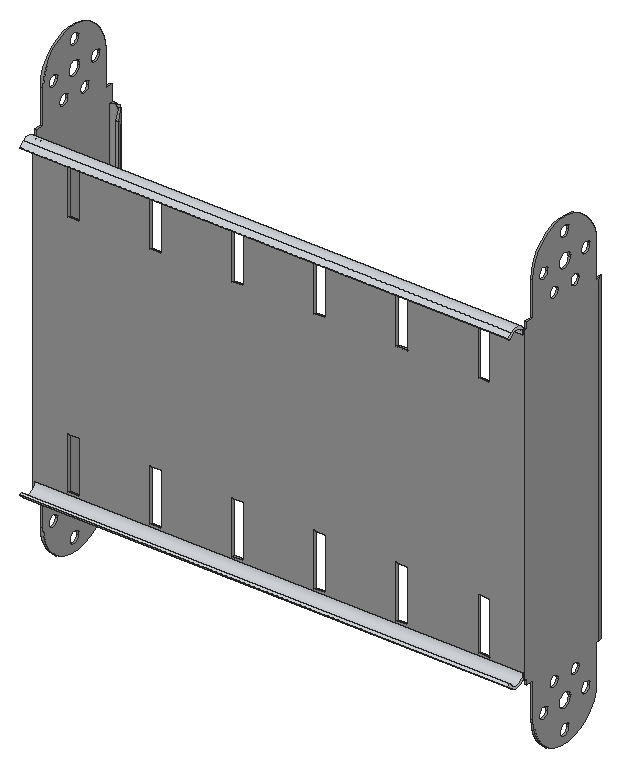
Revit family "Gelenkbogen-Element RGBEV 630FT", category Generic Models, Revit 2017
Family settings
  Can host rebar = No
  Round Connector Dimension = Use Diameter
  Part Type = Normal
  Work Plane-Based = No
  Always vertical = Yes
  Cut with Voids When Loaded = No
  Shared = No
  Room Calculation Point = No
Parameters (values of type "RGBEV 630 FT")
  URL = "http://www.obo-bettermann.com"
  Material = Hot dip galvanised
  Manufacturer Art.No. = "7075308"
  Manufacturer = "OBO BETTERMANN"
  Length = 300 mm
  GTIN = "4012196228195"
  Cut's number = 6
  Article Type = "RGBEV 630 FT"
Reference planes
  plane 1 "Center (Front/Back)": y = 0
  plane 2: z = 0
  plane 3 "Center (Left/Right)": x = 0
  plane 4: x = 287.5
  plane 5: y = 60
  plane 6: y = 60
  plane 7: x = 12.5
  plane 8: y = 49.947
  plane 9: z = 300
  plane 10: z = 150
  plane 11: z = 239.25
  plane 12: z = 60.75
  plane 13: z = 150
  plane 14: z = 60.75
  plane 15: z = 150
  plane 16: z = 239.25
  plane 17: z = 60.75
  plane 18: y = 30
  plane 19: z = 276
  plane 20: y = 54
  plane 21: y = 6
  plane 22: z = 248.98
  plane 23: y = 30
  plane 24: z = 24
  plane 25: y = 54
  plane 26: y = 6
  plane 27: z = 51.02
  plane 28: x = 150
  plane 29: y = 30
  plane 30: z = 276
  plane 31: y = 54
  plane 32: y = 6
  plane 33: z = 248.98
  plane 34: y = 30
  plane 35: z = 24
  plane 36: y = 54
  plane 37: y = 6
  plane 38: z = 51.02
  plane 39: z = 248.5
  plane 40: z = 51.5
  plane 41: y = -11.2
  plane 42: z = 51.5
  plane 43: z = 248.5
  plane 44: y = -11.2
  plane 45: x = 25
  plane 46: z = 225
  plane 47: x = 75
  plane 48: z = 225
  plane 49: x = 125
  plane 50: z = 225
  plane 51: x = 175
  plane 52: z = 225
  plane 53: x = 225
  plane 54: z = 225
  plane 55: x = 275
  plane 56: z = 225
  plane 57: x = 25
  plane 58: z = 75
  plane 59: x = 75
  plane 60: z = 75
  plane 61: x = 125
  plane 62: z = 75
  plane 63: x = 175
  plane 64: z = 75
  plane 65: x = 225
  plane 66: z = 75
  plane 67: x = 275
  plane 68: z = 75
  plane 69: z = 294
  plane 70: z = 6
  plane 71: y = 30
  plane 72: z = 270
Forms (mm)
  Extrusion 1, solid, material "Hot dip galvanised" <- "Material"
    sketch origin (0, 0, 0) x (1, 0, 0) y (0, 1, 0)
      loop
        line (0, 0) -> (300, 0) -> (300, 55.986)
        arc (300, 55.986) -> (297.356, 59.745) -> (292.924, 58.529) r 3.995
        line (292.924, 58.529) -> (287.496, 49.841) -> (288.598, 49.152) -> (293.977, 57.76)
        arc (293.977, 57.76) -> (296.953, 58.509) -> (298.7, 55.986) r 2.695
        line (298.7, 55.986) -> (298.7, 1.3) -> (1.3, 1.3) -> (1.3, 55.991)
        arc (1.3, 55.991) -> (3.256, 58.587) -> (6.29, 57.422) r 2.7
        line (6.29, 57.422) -> (11.391, 49.258) -> (12.493, 49.947) -> (7.392, 58.111)
        arc (7.392, 58.111) -> (2.897, 59.836) -> (0, 55.991) r 4
        line (0, 55.991) -> (0, 0)
    from 0 to 300
  Extrusion 2, void
    sketch origin (0, 0, 0) x (1, 0, 0) y (0, 0, 1)
      loop
        line (1.3, 238.902) -> (12.493, 235.902) -> (12.493, 300) -> (1.3, 300) -> (1.3, 238.902)
    from -49 to -60.772
  Extrusion 3, void
    sketch origin (0, 0, 0) x (1, 0, 0) y (0, 0, 1)
      loop
        line (1.3, 60.402) -> (1.3, 0) -> (12.493, 0) -> (12.493, 63.401) -> (1.3, 60.402)
    from -49 to -60.772
  Extrusion 4, void
    sketch origin (0, 0, 0) x (1, 0, 0) y (0, 0, 1)
      loop
        line (298.7, 238.902) -> (298.7, 300) -> (287.496, 300) -> (287.496, 235.899) -> (298.7, 238.902)
      loop
        line (298.7, 61.098) -> (287.496, 64.101) -> (287.496, 0) -> (298.7, 0) -> (298.7, 61.098)
    from -49 to -60.772
  Extrusion 5, void
    sketch origin (0, 0, 0) x (0, 1, 0) y (0, 0, 1)
      loop
        line (54, 269.607) -> (54, 248.98) -> (58.942, 248.98) -> (58.942, 301.187) -> (1.3, 301.187) -> (1.3, 248.98) -> (6, 248.98) -> (6, 269.607)
        arc (6, 269.607) -> (30, 293.607) -> (54, 269.607) r 24
    from 0 to 1.3
  Extrusion 6, void
    sketch origin (0, 0, 300) x (0, 1, 0) y (0, 0, 1)
      loop
        arc (54, -270.106) -> (30, -294.106) -> (6, -270.106) r 24
        line (6, -270.106) -> (6, -248.98) -> (1.3, -248.98) -> (1.3, -301.187) -> (58.942, -301.187) -> (58.942, -248.98) -> (54, -248.98) -> (54, -270.106)
    from 0 to 1.3
  Extrusion 7, void
    sketch origin (300, 0, 0) x (0, 1, 0) y (0, 0, -1)
      loop
        arc (54, -269.739) -> (30, -293.739) -> (6, -269.739) r 24
        line (6, -269.739) -> (6, -248.98) -> (1.3, -248.98) -> (1.3, -301.187) -> (58.942, -301.187) -> (58.942, -248.98) -> (54, -248.98) -> (54, -269.739)
    from 0 to 1.3
  Extrusion 8, void
    sketch origin (300, 0, 300) x (0, 1, 0) y (0, 0, -1)
      loop
        line (54, 270.033) -> (54, 248.98) -> (58.942, 248.98) -> (58.942, 301.187) -> (1.3, 301.187) -> (1.3, 248.98) -> (6, 248.98) -> (6, 270.033)
        arc (6, 270.033) -> (30, 294.033) -> (54, 270.033) r 24
    from 0 to 1.3
  Extrusion 9, solid
    sketch origin (0, 0, 0) x (0, 1, 0) y (0, 0, 1)
      loop
        line (-8.684, 247.311) -> (-11.2, 244.795) -> (-10.281, 243.875) -> (-7.843, 246.313)
        arc (-7.843, 246.313) -> (-2.678, 246.628) -> (0, 242.2) r 5
        line (0, 242.2) -> (0, 246.033)
        arc (0, 246.033) -> (-4.083, 248.433) -> (-8.684, 247.311) r 6.3
    from 1.3 to 298.7
  Extrusion 10, void
    sketch origin (0, 0, 0) x (0, 1, 0) y (0, 0, 1)
      loop
        line (1.3, 300) -> (0, 300) -> (0, 246.033)
        arc (0, 246.033) -> (0.966, 244.224) -> (1.3, 242.2) r 6.3
        line (1.3, 242.2) -> (1.3, 300)
    from 0 to 300
  Extrusion 11, solid
    sketch origin (0, 0, 300) x (0, 1, 0) y (0, 0, 1)
      loop
        arc (-8.684, -247.311) -> (-4.083, -248.433) -> (0, -246.033) r 6.3
        line (0, -246.033) -> (0, -242.2)
        arc (0, -242.2) -> (-2.678, -246.628) -> (-7.843, -246.313) r 5
        line (-7.843, -246.313) -> (-10.281, -243.875) -> (-11.2, -244.795) -> (-8.684, -247.311)
    from 1.3 to 298.7
  Extrusion 12, void
    sketch origin (0, 0, 300) x (0, 1, 0) y (0, 0, 1)
      loop
        line (1.3, -300) -> (1.3, -242.2)
        arc (1.3, -242.2) -> (0.966, -244.224) -> (0, -246.033) r 6.3
        line (0, -246.033) -> (0, -300) -> (1.3, -300)
    from 0 to 300
  Extrusion 13, void
    sketch origin (0, 0, 0) x (1, 0, 0) y (0, 0, 1)
      loop
        line (21.5, 241) -> (21.5, 209) -> (28.5, 209) -> (28.5, 241) -> (21.5, 241)
    from 0 to -1.3
  Extrusion 14, void
    sketch origin (50, 0, 0) x (1, 0, 0) y (0, 0, 1)
      loop
        line (21.5, 241) -> (21.5, 209) -> (28.5, 209) -> (28.5, 241) -> (21.5, 241)
    from 0 to -1.3
  Extrusion 15, void
    sketch origin (100, 0, 0) x (1, 0, 0) y (0, 0, 1)
      loop
        line (21.5, 241) -> (21.5, 209) -> (28.5, 209) -> (28.5, 241) -> (21.5, 241)
    from 0 to -1.3
  Extrusion 16, void
    sketch origin (150, 0, 0) x (1, 0, 0) y (0, 0, 1)
      loop
        line (21.5, 241) -> (21.5, 209) -> (28.5, 209) -> (28.5, 241) -> (21.5, 241)
    from 0 to -1.3
  Extrusion 17, void
    sketch origin (200, 0, 0) x (1, 0, 0) y (0, 0, 1)
      loop
        line (21.5, 241) -> (21.5, 209) -> (28.5, 209) -> (28.5, 241) -> (21.5, 241)
    from 0 to -1.3
  Extrusion 18, void
    sketch origin (250, 0, 0) x (1, 0, 0) y (0, 0, 1)
      loop
        line (21.5, 241) -> (21.5, 209) -> (28.5, 209) -> (28.5, 241) -> (21.5, 241)
    from 0 to -1.3
  Extrusion 19, void
    sketch origin (0, 0, 300) x (1, 0, 0) y (0, 0, 1)
      loop
        line (21.5, -241) -> (28.5, -241) -> (28.5, -209) -> (21.5, -209) -> (21.5, -241)
    from 0 to -1.3
  Extrusion 20, void
    sketch origin (50, 0, 300) x (1, 0, 0) y (0, 0, 1)
      loop
        line (21.5, -241) -> (28.5, -241) -> (28.5, -209) -> (21.5, -209) -> (21.5, -241)
    from 0 to -1.3
  Extrusion 21, void
    sketch origin (100, 0, 300) x (1, 0, 0) y (0, 0, 1)
      loop
        line (21.5, -241) -> (28.5, -241) -> (28.5, -209) -> (21.5, -209) -> (21.5, -241)
    from 0 to -1.3
  Extrusion 22, void
    sketch origin (150, 0, 300) x (1, 0, 0) y (0, 0, 1)
      loop
        line (21.5, -241) -> (28.5, -241) -> (28.5, -209) -> (21.5, -209) -> (21.5, -241)
    from 0 to -1.3
  Extrusion 23, void
    sketch origin (200, 0, 300) x (1, 0, 0) y (0, 0, 1)
      loop
        line (21.5, -241) -> (28.5, -241) -> (28.5, -209) -> (21.5, -209) -> (21.5, -241)
    from 0 to -1.3
  Extrusion 24, void
    sketch origin (250, 0, 300) x (1, 0, 0) y (0, 0, 1)
      loop
        line (21.5, -241) -> (28.5, -241) -> (28.5, -209) -> (21.5, -209) -> (21.5, -241)
    from 0 to -1.3
  Extrusion 25, void
    sketch origin (0, 0, 0) x (0, 1, 0) y (0, 0, 1)
      loop
        circle (30, 270) r 4.5
      loop
        circle (46, 270) r 3.515
      loop
        circle (38, 256.144) r 3.458
      loop
        circle (22, 256.144) r 3.457
      loop
        circle (30, 286) r 3.526
      loop
        circle (14, 270) r 3.483
    from 1.3 to 0
  Extrusion 26, void
    sketch origin (0, 0, 300) x (0, 1, 0) y (0, 0, 1)
      loop
        circle (30, -270) r 4.5
      loop
        circle (46, -270) r 3.515
      loop
        circle (38, -256.144) r 3.458
      loop
        circle (22, -256.144) r 3.457
      loop
        circle (30, -286) r 3.526
      loop
        circle (14, -270) r 3.483
    from 1.3 to 0
  Extrusion 27, void
    sketch origin (300, 0, 0) x (0, 1, 0) y (0, 0, -1)
      loop
        circle (30, -270) r 4.5
      loop
        circle (46, -270) r 3.515
      loop
        circle (38, -256.144) r 3.458
      loop
        circle (22, -256.144) r 3.457
      loop
        circle (30, -286) r 3.526
      loop
        circle (14, -270) r 3.483
    from 1.3 to 0
  Extrusion 28, void
    sketch origin (300, 0, 300) x (0, 1, 0) y (0, 0, -1)
      loop
        circle (30, 270) r 4.5
      loop
        circle (46, 270) r 3.515
      loop
        circle (38, 256.144) r 3.458
      loop
        circle (22, 256.144) r 3.457
      loop
        circle (30, 286) r 3.526
      loop
        circle (14, 270) r 3.483
    from 1.3 to 0
Cuts and joins
  Extrusion 2, Extrusion 3, Extrusion 4, Extrusion 5, Extrusion 6, Extrusion 7, Extrusion 8, Extrusion 10, Extrusion 12, Extrusion 13, Extrusion 14, Extrusion 15, Extrusion 16, Extrusion 17, Extrusion 18, Extrusion 19, Extrusion 20, Extrusion 21, Extrusion 22, Extrusion 23, Extrusion 24, Extrusion 25, Extrusion 26, Extrusion 27, Extrusion 28 cuts Extrusion 1
Dimensions and locks
  plane 4 to Extrusion 1 sketch curve = 12.5 mm
  locked: Extrusion 1 sketch curve to plane 5 at 60
  Extrusion 1 sketch curve to plane 6 = 60 mm
  locked: plane 3 "Center (Left/Right)" to plane 7 at 12.5
  locked: Extrusion 1 sketch curve to Extrusion 1 sketch curve at 1.3  (x5)
  locked: Extrusion 1 sketch curve to Extrusion 1 sketch curve at 11.204
  locked: Extrusion 1 sketch curve to Extrusion 1 sketch curve at 10.091
  locked: Extrusion 1 sketch curve to Extrusion 1 sketch curve at 300
  locked: Extrusion 1 sketch curve to plane 3 "Center (Left/Right)"
  locked: plane 9 to Extrusion 1 at 300
  locked: Extrusion 1 to plane 10 at 150
  locked: plane 13 to cut or joined group 1 (Extrusion 1, Extrusion 2, Extrusion 3, Extrusion 4, Extrusion 5, Extrusion 6, Extrusion 7, Extrusion 8, Extrusion 10, Extrusion 12, Extrusion 13, Extrusion 14, Extrusion 15, Extrusion 16, Extrusion 17, Extrusion 18, Extrusion 19, Extrusion 20, Extrusion 21, Extrusion 22, Extrusion 23, Extrusion 24, Extrusion 25, Extrusion 26, Extrusion 27, Extrusion 28) at 150
  locked: cut or joined group 1 to plane 15 at 150
  locked: cut or joined group 1 to plane 18 at 30
  plane 19 to plane 15 = 126 mm
  locked: cut or joined group 1 to plane 19 at 24
  locked: plane 28 to plane 3 "Center (Left/Right)" at 150
  locked: plane 41 to cut or joined group 1 at 12.5
  locked: plane 39 to plane 40 at 197
  locked: Extrusion 9 sketch curve to Extrusion 9 sketch curve at 1.3
  locked: Extrusion 9 sketch curve to cut or joined group 1 at 11.2
  locked: plane 42 to plane 43 at 197
  locked: Extrusion 11 sketch curve to Extrusion 11 sketch curve at 1.3
  locked: Extrusion 13 sketch curve to Extrusion 13 sketch curve at 7
  locked: plane 45 to Extrusion 13 sketch curve at 3.5
  locked: Extrusion 13 sketch curve to Extrusion 13 sketch curve at 32
  locked: plane 46 to Extrusion 13 sketch curve at 16
  locked: Extrusion 14 sketch curve to Extrusion 14 sketch curve at 7
  locked: plane 47 to Extrusion 14 sketch curve at 3.5
  locked: Extrusion 14 sketch curve to Extrusion 14 sketch curve at 32
  locked: plane 48 to Extrusion 14 sketch curve at 16
  locked: Extrusion 15 sketch curve to Extrusion 15 sketch curve at 7
  locked: plane 49 to Extrusion 15 sketch curve at 3.5
  locked: Extrusion 15 sketch curve to Extrusion 15 sketch curve at 32
  locked: plane 50 to Extrusion 15 sketch curve at 16
  locked: Extrusion 16 sketch curve to Extrusion 16 sketch curve at 7
  locked: plane 51 to Extrusion 16 sketch curve at 3.5
  locked: Extrusion 16 sketch curve to Extrusion 16 sketch curve at 32
  locked: plane 52 to Extrusion 16 sketch curve at 16
  locked: Extrusion 17 sketch curve to Extrusion 17 sketch curve at 7
  locked: plane 53 to Extrusion 17 sketch curve at 3.5
  locked: Extrusion 17 sketch curve to Extrusion 17 sketch curve at 32
  locked: plane 54 to Extrusion 17 sketch curve at 16
  locked: Extrusion 18 sketch curve to Extrusion 18 sketch curve at 7
  locked: plane 55 to Extrusion 18 sketch curve at 3.5
  locked: Extrusion 18 sketch curve to Extrusion 18 sketch curve at 32
  locked: plane 56 to Extrusion 18 sketch curve at 16
  locked: Extrusion 19 sketch curve to Extrusion 19 sketch curve at 7
  locked: plane 57 to Extrusion 19 sketch curve at 3.5
  locked: Extrusion 19 sketch curve to Extrusion 19 sketch curve at 32
  locked: Extrusion 19 sketch curve to plane 58 at 16
  locked: Extrusion 20 sketch curve to Extrusion 20 sketch curve at 7
  locked: plane 59 to Extrusion 20 sketch curve at 3.5
  locked: Extrusion 20 sketch curve to Extrusion 20 sketch curve at 32
  locked: Extrusion 20 sketch curve to plane 60 at 16
  locked: Extrusion 21 sketch curve to Extrusion 21 sketch curve at 7
  locked: plane 61 to Extrusion 21 sketch curve at 3.5
  locked: Extrusion 21 sketch curve to Extrusion 21 sketch curve at 32
  locked: Extrusion 21 sketch curve to plane 62 at 16
  locked: Extrusion 22 sketch curve to Extrusion 22 sketch curve at 7
  locked: plane 63 to Extrusion 22 sketch curve at 3.5
  locked: Extrusion 22 sketch curve to Extrusion 22 sketch curve at 32
  locked: Extrusion 22 sketch curve to plane 64 at 16
  locked: Extrusion 23 sketch curve to Extrusion 23 sketch curve at 7
  locked: plane 65 to Extrusion 23 sketch curve at 3.5
  locked: Extrusion 23 sketch curve to Extrusion 23 sketch curve at 32
  locked: Extrusion 23 sketch curve to plane 66 at 16
  locked: Extrusion 24 sketch curve to Extrusion 24 sketch curve at 7
  locked: plane 67 to Extrusion 24 sketch curve at 3.5
  locked: Extrusion 24 sketch curve to Extrusion 24 sketch curve at 32
  locked: plane 68 to Extrusion 24 sketch curve at 16
  locked: plane 69 to plane 15 at 144
  locked: plane 15 to plane 70 at 144
  locked: plane 72 to plane 15 at 120
  locked: Extrusion 1 sketch curve to Extrusion 1 sketch curve (angle 32.00°)  (x2)
  aligned and locked: level to plane 2
  aligned and locked: plane 1 "Center (Front/Back)" to Extrusion 1
  aligned and locked: Extrusion 1 to plane 3 "Center (Left/Right)"
  aligned and locked: plane 9 to Extrusion 1
  aligned and locked: Extrusion 2 to Extrusion 1
  aligned and locked: Extrusion 3 to Extrusion 2  (x2)
  aligned and locked: Extrusion 3 to Extrusion 1
  aligned and locked: Extrusion 2 to Extrusion 4
  aligned and locked: Extrusion 4 to Extrusion 2
  aligned and locked: Extrusion 4 to Extrusion 1
  aligned and locked: Extrusion 6 to Extrusion 1
  aligned and locked: Extrusion 9 to cut or joined group 1  (x2)
  aligned and locked: plane 1 "Center (Front/Back)" to Extrusion 13
  aligned and locked: Extrusion 1 to Extrusion 13
  aligned and locked: Extrusion 1 to Extrusion 25
  aligned and locked: Extrusion 25 to plane 3 "Center (Left/Right)"
Automatic sketch dimensions
  Extrusion 1 sketch curve to Extrusion 1 sketch curve = 0 mm  (x4)
  Extrusion 1 sketch curve to plane 8 = 0 mm
  Extrusion 1 sketch curve to Extrusion 1 sketch curve = 2.7 mm
  Extrusion 1 sketch curve to plane 5 = 2.578 mm
  Extrusion 1 sketch curve to plane 5 = 1.471 mm
  plane 4 to Extrusion 1 sketch curve = 5.424 mm
  Extrusion 1 sketch curve to plane 1 "Center (Front/Back)" = 57.76 mm
  Extrusion 2 sketch curve to plane 9 = 0 mm
  Extrusion 2 sketch curve to plane 11 = 0.348 mm
  plane 3 "Center (Left/Right)" to Extrusion 2 sketch curve = 1.3 mm
  Extrusion 2 sketch curve to Extrusion 2 sketch curve = 11.193 mm
  Extrusion 2 sketch curve to plane 11 = 3.348 mm
  Extrusion 3 sketch curve to level = 0 mm
  plane 3 "Center (Left/Right)" to Extrusion 3 sketch curve = 1.3 mm
  Extrusion 3 sketch curve to Extrusion 3 sketch curve = 11.193 mm
  Extrusion 3 sketch curve to plane 14 = 0.348 mm
  plane 14 to Extrusion 3 sketch curve = 2.651 mm
  Extrusion 4 sketch curve to level = 0 mm
  Extrusion 4 sketch curve to plane 9 = 0 mm
  Extrusion 4 sketch curve to plane 28 = 137.496 mm  (x2)
  Extrusion 4 sketch curve to plane 16 = 3.351 mm
  Extrusion 4 sketch curve to plane 16 = 0.348 mm
  Extrusion 4 sketch curve to Extrusion 4 sketch curve = 11.204 mm  (x2)
  plane 17 to Extrusion 4 sketch curve = 0.348 mm
  plane 17 to Extrusion 4 sketch curve = 3.351 mm
  Extrusion 5 sketch curve to plane 22 = 0 mm  (x2)
  Extrusion 5 sketch curve to plane 21 = 0 mm
  Extrusion 5 sketch curve to plane 18 = 0 mm
  Extrusion 5 sketch curve to plane 1 "Center (Front/Back)" = 1.3 mm
  Extrusion 5 sketch curve to Extrusion 5 sketch curve = 4.942 mm
  Extrusion 5 sketch curve to plane 72 = 0.393 mm
  plane 9 to Extrusion 5 sketch curve = 1.187 mm
  Extrusion 6 sketch curve to plane 27 = 0 mm
  Extrusion 6 sketch curve to plane 26 = 0 mm
  Extrusion 6 sketch curve to plane 23 = 0 mm
  plane 27 to Extrusion 6 sketch curve = 0 mm
  plane 1 "Center (Front/Back)" to Extrusion 6 sketch curve = 1.3 mm
  Extrusion 6 sketch curve to Extrusion 6 sketch curve = 4.942 mm
  Extrusion 6 sketch curve to plane 24 = 5.894 mm
  level to Extrusion 6 sketch curve = 1.187 mm
  plane 33 to Extrusion 7 sketch curve = 0 mm
  Extrusion 7 sketch curve to plane 32 = 0 mm
  Extrusion 7 sketch curve to plane 29 = 0 mm
  Extrusion 7 sketch curve to plane 33 = 0 mm
  Extrusion 7 sketch curve to plane 1 "Center (Front/Back)" = 1.3 mm
  Extrusion 7 sketch curve to Extrusion 7 sketch curve = 4.942 mm
  Extrusion 7 sketch curve to plane 72 = 0.261 mm
  plane 9 to Extrusion 7 sketch curve = 1.187 mm
  plane 38 to Extrusion 8 sketch curve = 0 mm  (x2)
  Extrusion 8 sketch curve to plane 37 = 0 mm
  Extrusion 8 sketch curve to plane 34 = 0 mm
  Extrusion 8 sketch curve to plane 1 "Center (Front/Back)" = 1.3 mm
  Extrusion 8 sketch curve to Extrusion 8 sketch curve = 4.942 mm
  plane 35 to Extrusion 8 sketch curve = 5.967 mm
  Extrusion 8 sketch curve to level = 1.187 mm
  Extrusion 9 sketch curve to Extrusion 9 sketch curve = 0 mm  (x3)
  Extrusion 9 sketch curve to plane 1 "Center (Front/Back)" = 0 mm
  plane 41 to Extrusion 9 sketch curve = 0.919 mm
  Extrusion 9 sketch curve to plane 39 = 1.189 mm
  plane 41 to Extrusion 9 sketch curve = 2.516 mm
  Extrusion 9 sketch curve to plane 39 = 2.187 mm
  plane 16 to Extrusion 9 sketch curve = 2.95 mm
  Extrusion 10 sketch curve to plane 1 "Center (Front/Back)" = 0 mm
  Extrusion 10 sketch curve to plane 9 = 0 mm
  plane 1 "Center (Front/Back)" to Extrusion 10 sketch curve = 5 mm
  Extrusion 10 sketch curve to plane 1 "Center (Front/Back)" = 1.3 mm
  plane 16 to Extrusion 10 sketch curve = 6.783 mm
  Extrusion 11 sketch curve to Extrusion 11 sketch curve = 0 mm  (x3)
  Extrusion 11 sketch curve to plane 44 = 0 mm
  Extrusion 11 sketch curve to plane 1 "Center (Front/Back)" = 0 mm
  Extrusion 11 sketch curve to plane 44 = 0.919 mm
  plane 42 to Extrusion 11 sketch curve = 1.189 mm
  Extrusion 11 sketch curve to plane 44 = 2.516 mm
  plane 42 to Extrusion 11 sketch curve = 2.187 mm
  plane 17 to Extrusion 11 sketch curve = 2.95 mm
  Extrusion 12 sketch curve to level = 0 mm
  Extrusion 12 sketch curve to plane 1 "Center (Front/Back)" = 0 mm
  Extrusion 12 sketch curve to plane 1 "Center (Front/Back)" = 5 mm
  plane 1 "Center (Front/Back)" to Extrusion 12 sketch curve = 1.3 mm
  plane 17 to Extrusion 12 sketch curve = 6.783 mm
  Extrusion 25 sketch curve to plane 72 = 0 mm  (x3)
  Extrusion 25 sketch curve to plane 71 = 0 mm  (x2)
  Extrusion 25 sketch curve to plane 71 = 8 mm
  Extrusion 25 sketch curve to plane 1 "Center (Front/Back)" = 14 mm
  plane 71 to Extrusion 25 sketch curve = 8 mm
  plane 71 to Extrusion 25 sketch curve = 16 mm
  Extrusion 25 sketch curve to plane 72 = 13.856 mm  (x2)
  Extrusion 25 sketch curve to plane 69 = 8 mm
  Extrusion 26 sketch curve to plane 71 = 0 mm  (x2)
  plane 71 to Extrusion 26 sketch curve = 8 mm
  plane 1 "Center (Front/Back)" to Extrusion 26 sketch curve = 14 mm
  Extrusion 26 sketch curve to plane 71 = 8 mm
  Extrusion 26 sketch curve to Extrusion 26 sketch curve = 16 mm
  plane 17 to Extrusion 26 sketch curve = 16.894 mm
  Extrusion 26 sketch curve to Extrusion 26 sketch curve = 0 mm  (x2)
  Extrusion 26 sketch curve to Extrusion 26 sketch curve = 13.856 mm  (x2)
  Extrusion 26 sketch curve to plane 70 = 8 mm
  Extrusion 27 sketch curve to plane 72 = 0 mm  (x3)
  Extrusion 27 sketch curve to plane 71 = 0 mm  (x2)
  Extrusion 27 sketch curve to plane 71 = 8 mm
  Extrusion 27 sketch curve to plane 1 "Center (Front/Back)" = 14 mm
  plane 71 to Extrusion 27 sketch curve = 8 mm
  plane 71 to Extrusion 27 sketch curve = 16 mm
  Extrusion 27 sketch curve to plane 69 = 8 mm
  Extrusion 27 sketch curve to plane 72 = 13.856 mm  (x2)
  Extrusion 28 sketch curve to plane 71 = 0 mm  (x2)
  Extrusion 28 sketch curve to plane 71 = 8 mm
  Extrusion 28 sketch curve to plane 1 "Center (Front/Back)" = 14 mm
  plane 71 to Extrusion 28 sketch curve = 8 mm
  Extrusion 28 sketch curve to Extrusion 28 sketch curve = 16 mm
  Extrusion 28 sketch curve to plane 17 = 16.894 mm
  Extrusion 28 sketch curve to Extrusion 28 sketch curve = 0 mm  (x2)
  Extrusion 28 sketch curve to Extrusion 28 sketch curve = 13.856 mm  (x2)
  plane 70 to Extrusion 28 sketch curve = 8 mm
  radius of Extrusion 25 sketch curve = 4.5 mm
  radius of Extrusion 25 sketch curve = 3.515 mm
  radius of Extrusion 25 sketch curve = 3.458 mm
  radius of Extrusion 25 sketch curve = 3.457 mm
  radius of Extrusion 25 sketch curve = 3.526 mm
  radius of Extrusion 25 sketch curve = 3.483 mm
  radius of Extrusion 26 sketch curve = 4.5 mm
  radius of Extrusion 26 sketch curve = 3.515 mm
  radius of Extrusion 26 sketch curve = 3.458 mm
  radius of Extrusion 26 sketch curve = 3.457 mm
  radius of Extrusion 26 sketch curve = 3.526 mm
  radius of Extrusion 26 sketch curve = 3.483 mm
  radius of Extrusion 27 sketch curve = 4.5 mm
  radius of Extrusion 27 sketch curve = 3.515 mm
  radius of Extrusion 27 sketch curve = 3.458 mm
  radius of Extrusion 27 sketch curve = 3.457 mm
  radius of Extrusion 27 sketch curve = 3.526 mm
  radius of Extrusion 27 sketch curve = 3.483 mm
  radius of Extrusion 28 sketch curve = 4.5 mm
  radius of Extrusion 28 sketch curve = 3.515 mm
  radius of Extrusion 28 sketch curve = 3.458 mm
  radius of Extrusion 28 sketch curve = 3.457 mm
  radius of Extrusion 28 sketch curve = 3.526 mm
  radius of Extrusion 28 sketch curve = 3.483 mm
